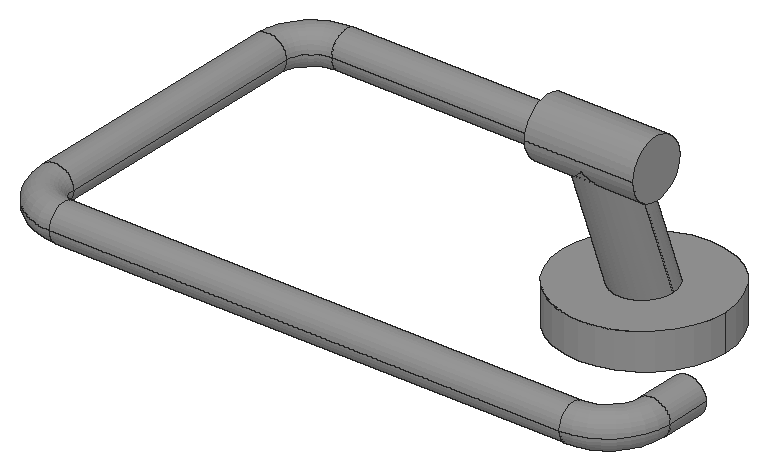
Revit family "ABEND Toallero anilla   BC2026000", category Generic Models, host Face, Revit 2014
Parameters
  MODELO = "ABEND"
  MARCA = "WASSER"
  EMPRESA = "CHC COMERCIAL HISPANO CHILENA"
  Default Elevation = 1219.2 mm
  DIMENSIONES = ""
  CÓDIGO = "BC2026000"
  ACCESORIO = "TOALLERO ANILLA"
Reference planes
  plane 1 "Center (Front/Back)": y = 0
  plane 2: z = 0
  plane 3 "Center (Left/Right)": x = 0
  plane 4: y = -88
  plane 5: y = 72.482
  plane 6: x = 22.577
  plane 7: y = 139
  plane 8: y = -8
  plane 9: z = 150
  plane 10: z = 35
  plane 11: y = 237
  plane 12: x = -19.923
  plane 13: x = -49.923
  plane 14: x = 10.077
  plane 15: y = -27.518
  plane 16: y = 10
  plane 17: y = -20
  plane 18: y = -20
  plane 19: x = -58.986
  plane 20: x = 58.985
  plane 21: x = 15
  plane 22: x = -15
Forms (mm)
  Extrusion 1, solid, material "Steel, Polished"
    sketch origin (0, 0, 0) x (1, 0, 0) y (0, 1, 0)
      loop
        circle (0, 0) r 22.5
    from 0 to 10
  Sweep 2, solid, material "Steel, Polished"
    path origin (0, 0, 0) x (0, 1, 0) y (0, 0, 1)
      loop
        line (1.79, 4.407) -> (-14.57, 49.356)
    profile origin (0, -6.39, 26.881) x (0, -0.939693, -0.34202) y (1, 0, 0)
      loop
        circle (0, 0) r 8
  Extrusion 3, solid, material "Steel, Polished"
    sketch origin (0, 0, 0) x (0, 1, 0) y (0, 0, 1)
      loop
        circle (-14.57, 49.356) r 8
    from -15 to 15
  Sweep 4, solid, material "Steel, Polished"
    path origin (0, 0, 49.199) x (1, 0, 0) y (0, 1, 0)
      loop
        line (0, -15) -> (-70.5, -15)
        arc (-70.5, -15) -> (-78.985, -18.515) -> (-82.5, -27) r 12
        line (-82.5, -27) -> (-82.5, -100.5)
        arc (-82.5, -100.5) -> (-78.985, -108.985) -> (-70.5, -112.5) r 12
        line (-70.5, -112.5) -> (70.5, -112.5)
        arc (70.5, -112.5) -> (78.985, -108.985) -> (82.5, -100.5) r 12
        line (82.5, -100.5) -> (82.5, -88)
    profile origin (-35.25, -15, 49.199) x (0, -1, 0) y (0, 0, 1)
      loop
        circle (0, 0) r 5
Dimensions and locks
  aligned and locked: plane 2 to host face
  aligned and locked: level to host face
